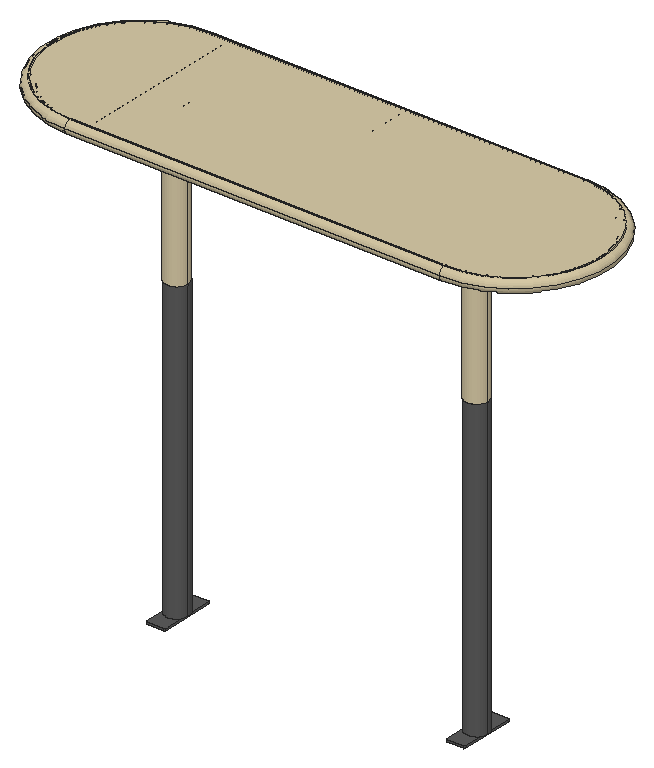
Revit family "1401-F", category Meble, Revit 2021
Family settings
  Numer OmniClass = 23.40.20.00
  Tytuł OmniClass = General Furniture and Specialties
  Oparty na płaszczyźnie roboczej = Nie
  Zawsze pionowo = Tak
  Tnij formami wycięć po wczytaniu = Nie
  Współdzielony = Nie
  Punkt obliczania pomieszczeń = Nie
Parameters (values of type "1401-F")
  metal = Mobilis Design RAL 1000
  Width = "50 cm"
  Weight = "35 kg"
  URL = ""
  Product Line = "Phoenix"
  Product Groups = ""
  Manufacturer = ""
  Keynote = ""
  Description = ""
  Model = "1401-F"
  Material = ""
  Maintenance = ""
  Lenght = "150 cm"
  Type Comments = ""
  Mobilis Design Materials = ""
  Hosted on = ""
  Height = "45 cm"
  Domyślna rzędna = 0 mm
  Copyright = "All designs and drawings are the common intellectual property of Lars Laj A/S and Tress and are protected by Danish and international copyright laws."
Reference planes
  plane 1: z = 0
  plane 2 "Środek (Lewa/Prawa)": x = -115
  plane 3 "Środek": y = 257.204
Forms (mm)
  Extrusion 1, solid, material "Mobilis Design RAL 1000" <- "metal", not visible
    sketch origin (0, 0, 0) x (0, 1, 0) y (0, 0, 1)
      loop
        arc (71.187, 451.5) -> (57.045, 445.642) -> (51.187, 431.5) r 20
        line (51.187, 431.5) -> (51.187, 18.231)
        arc (51.187, 18.231) -> (56.527, 5.34) -> (69.418, 0) r 18.231
        line (69.418, 0) -> (153.638, 0) -> (153.638, 15) -> (448.638, 15) -> (448.638, 0) -> (527.023, 0)
        arc (527.023, 0) -> (542.307, 6.331) -> (548.638, 21.615) r 21.615
        line (548.638, 21.615) -> (548.638, 429.407)
        arc (548.638, 429.407) -> (542.168, 445.029) -> (526.545, 451.5) r 22.093
        line (526.545, 451.5) -> (71.187, 451.5)
    from 750.378 to 745
  Extrusion 2, solid, material "Mobilis Design RAL 1000" <- "metal", not visible
    sketch origin (0, 0, 0) x (0, 1, 0) y (0, 0, 1)
      loop
        line (548.638, 396.844) -> (629.375, 854.725) -> (601.836, 859.581)
        arc (601.836, 859.581) -> (585.224, 855.898) -> (576.082, 841.547) r 22.232
        line (576.082, 841.547) -> (507.306, 451.5) -> (526.545, 451.5)
        arc (526.545, 451.5) -> (542.168, 445.029) -> (548.638, 429.407) r 22.093
        line (548.638, 429.407) -> (548.638, 396.844)
    from 745 to 750.378
  Extrusion 3, solid, material "Mobilis Design RAL 1000" <- "metal"
    sketch origin (-110.268, -19.702, 0) x (0, -1, 0) y (1, 0, 0)
      loop
        circle (-275.327, -399.004) r 30.15
      loop
        circle (-275.327, -399.004) r 28.15
    from 444.1 to 0
  Extrusion 4, solid, material "Painted Black"
    sketch origin (189.004, -23.124, 0) x (1, 0, 0) y (0, 1, 0)
      loop
        line (-722.97, 354.396) -> (-722.97, 210.396)
        arc (-722.97, 210.396) -> (-722.091, 208.274) -> (-719.97, 207.396) r 3
        line (-719.97, 207.396) -> (-675.97, 207.396)
        arc (-675.97, 207.396) -> (-673.849, 208.274) -> (-672.97, 210.396) r 3
        line (-672.97, 210.396) -> (-672.97, 354.396)
        arc (-672.97, 354.396) -> (-673.849, 356.517) -> (-675.97, 357.396) r 3
        line (-675.97, 357.396) -> (-719.97, 357.396)
        arc (-719.97, 357.396) -> (-722.091, 356.517) -> (-722.97, 354.396) r 3
    from -800 to -795
  Extrusion 5, solid, material "Mobilis Design RAL 1000" <- "metal"
    sketch origin (0, 257.204, 0) x (-1, 0, 0) y (0, 0, 1)
      loop
        line (608.966, 447.188) -> (558.966, 447.188) -> (558.966, 417.188) -> (608.966, 417.188) -> (608.966, 447.188)
      loop
        line (606.966, 445.188) -> (560.966, 445.188) -> (560.966, 419.188) -> (606.966, 419.188) -> (606.966, 445.188)
    from -216.276 to 216.276
  Extrusion 6, solid, material "Mobilis Design RAL 1000" <- "metal"
    sketch origin (239.004, -16.847, 0) x (1, 0, 0) y (0, 1, 0)
      loop
        line (-699.004, 325.327) -> (-799.004, 325.327) -> (-799.004, 225.327) -> (-699.004, 225.327) -> (-699.004, 325.327)
    from 447.05 to 443.488
  Extrusion 7, solid, material "Painted Black"
    sketch origin (-110.268, -18.452, 0) x (1, 0, 0) y (0, 1, 0)
      loop
        circle (-399.004, 275.327) r 30.15
      loop
        circle (-399.004, 275.327) r 28.15
    from 0 to -795
  Extrusion 8, solid, material "Mobilis Design RAL 1000" <- "metal"
    sketch origin (0, 0, 0) x (1, 0, 0) y (0, 1, 0)
      loop
        line (-608.966, 24.054) -> (391.034, 24.054)
        arc (391.034, 24.054) -> (624.184, 257.204) -> (391.034, 490.354) r 233.15
        line (391.034, 490.354) -> (-608.966, 490.354)
        arc (-608.966, 490.354) -> (-842.116, 257.204) -> (-608.966, 24.054) r 233.15
    from 447.188 to 450
  Sweep 9, solid, material "Mobilis Design RAL 1000" <- "metal"
    path origin (-300, 0, 450) x (1, 0, 0) y (0, 1, 0)
      loop
        line (691.034, 490.354) -> (-308.028, 490.354)
        arc (-308.028, 490.354) -> (-541.178, 257.204) -> (-308.028, 24.054) r 233.15
        line (-308.028, 24.054) -> (691.034, 24.054)
        arc (691.034, 24.054) -> (924.184, 257.204) -> (691.034, 490.354) r 233.15
    profile origin (-108.497, 490.354, 450) x (0, -1, 0) y (0, 0, 1)
      loop
        circle (0, -16.8) r 16.85
      loop
        circle (0, -16.8) r 14.85
  Extrusion 10, solid, material "Mobilis Design RAL 1000" <- "metal"
    sketch origin (472.5, 257.204, 0) x (-1, 0, 0) y (0, 0, 1)
      loop
        line (608.966, 447.188) -> (558.966, 447.188) -> (558.966, 417.188) -> (608.966, 417.188) -> (608.966, 447.188)
      loop
        line (606.966, 445.188) -> (560.966, 445.188) -> (560.966, 419.188) -> (606.966, 419.188) -> (606.966, 445.188)
    from -216.276 to 216.276
  Extrusion 11, solid, material "Mobilis Design RAL 1000" <- "metal"
    sketch origin (947.5, 257.204, 0) x (-1, 0, 0) y (0, 0, 1)
      loop
        line (608.966, 447.188) -> (558.966, 447.188) -> (558.966, 417.188) -> (608.966, 417.188) -> (608.966, 447.188)
      loop
        line (606.966, 445.188) -> (560.966, 445.188) -> (560.966, 419.188) -> (606.966, 419.188) -> (606.966, 445.188)
    from -216.276 to 216.276
  Extrusion 12, solid, material "Kobenhagen RAL 5012", not visible
    sketch origin (-110.268, -19.702, 0) x (0, -1, 0) y (1, 0, 0)
      loop
        circle (-275.327, -399.004) r 30.15
      loop
        circle (-275.327, -399.004) r 28.15
    from 444.1 to 0
  Extrusion 13, solid, material "Kobenhagen RAL 5012", not visible
    sketch origin (239.004, -16.847, 0) x (1, 0, 0) y (0, 1, 0)
      loop
        line (-699.004, 325.327) -> (-799.004, 325.327) -> (-799.004, 225.327) -> (-699.004, 225.327) -> (-699.004, 325.327)
    from 447.05 to 443.488
  Extrusion 14, solid, material "Mobilis Design RAL 1000" <- "metal"
    sketch origin (689.664, -19.702, 0) x (0, -1, 0) y (1, 0, 0)
      loop
        circle (-275.327, -399.004) r 30.15
      loop
        circle (-275.327, -399.004) r 28.15
    from 444.1 to 0
  Extrusion 15, solid, material "Mobilis Design RAL 1000" <- "metal"
    sketch origin (1038.936, -16.847, 0) x (1, 0, 0) y (0, 1, 0)
      loop
        line (-699.004, 325.327) -> (-799.004, 325.327) -> (-799.004, 225.327) -> (-699.004, 225.327) -> (-699.004, 325.327)
    from 447.05 to 443.488
  Extrusion 16, solid, material "Painted Black", not visible
    sketch origin (189.004, -23.124, 0) x (1, 0, 0) y (0, 1, 0)
      loop
        line (-722.97, 354.396) -> (-722.97, 210.396)
        arc (-722.97, 210.396) -> (-722.091, 208.274) -> (-719.97, 207.396) r 3
        line (-719.97, 207.396) -> (-675.97, 207.396)
        arc (-675.97, 207.396) -> (-673.849, 208.274) -> (-672.97, 210.396) r 3
        line (-672.97, 210.396) -> (-672.97, 354.396)
        arc (-672.97, 354.396) -> (-673.849, 356.517) -> (-675.97, 357.396) r 3
        line (-675.97, 357.396) -> (-719.97, 357.396)
        arc (-719.97, 357.396) -> (-722.091, 356.517) -> (-722.97, 354.396) r 3
    from -800 to -795
  Extrusion 17, solid, material "Painted Black", not visible
    sketch origin (-110.268, -18.452, 0) x (1, 0, 0) y (0, 1, 0)
      loop
        circle (-399.004, 275.327) r 30.15
      loop
        circle (-399.004, 275.327) r 28.15
    from 0 to -795
  Extrusion 18, solid, material "Painted Black"
    sketch origin (988.936, -23.124, 0) x (1, 0, 0) y (0, 1, 0)
      loop
        line (-722.97, 354.396) -> (-722.97, 210.396)
        arc (-722.97, 210.396) -> (-722.091, 208.274) -> (-719.97, 207.396) r 3
        line (-719.97, 207.396) -> (-675.97, 207.396)
        arc (-675.97, 207.396) -> (-673.849, 208.274) -> (-672.97, 210.396) r 3
        line (-672.97, 210.396) -> (-672.97, 354.396)
        arc (-672.97, 354.396) -> (-673.849, 356.517) -> (-675.97, 357.396) r 3
        line (-675.97, 357.396) -> (-719.97, 357.396)
        arc (-719.97, 357.396) -> (-722.091, 356.517) -> (-722.97, 354.396) r 3
    from -800 to -795
  Extrusion 19, solid, material "Painted Black"
    sketch origin (689.664, -18.452, 0) x (1, 0, 0) y (0, 1, 0)
      loop
        circle (-399.004, 275.327) r 30.15
      loop
        circle (-399.004, 275.327) r 28.15
    from 0 to -795
Dimensions and locks
  aligned and locked: level to plane 1
